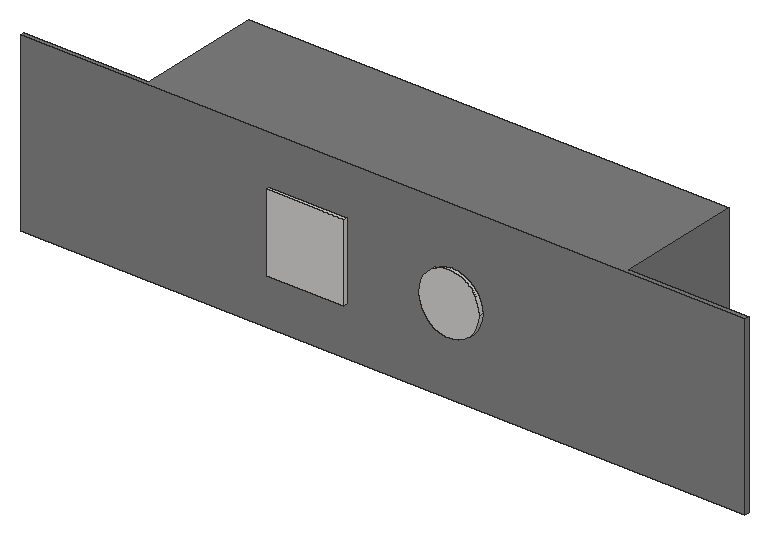
Revit family "400", category Generic Models, Revit 2021
Family settings
  Can host rebar = No
  Round Connector Dimension = Use Diameter
  Part Type = Normal
  Work Plane-Based = No
  Always vertical = Yes
  Cut with Voids When Loaded = No
  Shared = No
  Room Calculation Point = No
Parameters (values of type "Standard")
  e-mail = "info@vola.com"
  URL = "http://vola.com"
  Telephone = "+45 7023 5500"
  Quality management standard = "ISO 9001"
  Organisation no. / DUNS no. = "17531328"
  Occupational health and safety management standard = "ISO 18001"
  Mounting Instructions = "http://vola.com/service/producturl.ashx?name=400"
  Model = "400"
  Materials and components information = "http://vola.com/service/producturl.ashx?name=400"
  Manufacturer = "VOLA A/S"
  Maintenance Instructions = "http://vola.com/service/producturl.ashx?name=400"
  Guarantee = "2 years"
  Flow = "15,00 l/min"
  Environmental management standard = "ISO 14000"
  Default Elevation = 0.00 mm
  Connection - All relevant connections = ""
  Approvals = "http://vola.com/service/producturl.ashx?name=400"
Reference planes
  plane 1 "Center (Front/Back)": y = 0
  plane 2: z = 0
  plane 3 "Center (Left/Right)": x = 0
  plane 4 "Front Plane": y = -72.5
  plane 5 "Inlet Center Plane": y = -25
  plane 6: z = 70
Forms (mm)
  Extrusion 1, solid, material "Stainless Steel"
    sketch origin (0, 0, 1) x (1, 0, 0) y (0, 0, 1)
      loop
        circle (39, 69) r 16.5
    from 70.5 to 72.5
  Extrusion 2, solid, material "Stainless Steel"
    sketch origin (1032.5, -2.5, 1) x (-1, 0, 0) y (0, 0, -1)
      loop
        line (1092.5, -90) -> (1092.5, -48) -> (1050.5, -48) -> (1050.5, -90) -> (1092.5, -90)
    from 68 to 70
  Extrusion 3, solid, material "Default"
    sketch origin (0, 0, 1) x (1, 0, 0) y (0, 1, 0)
      loop
        line (-127.5, 0) -> (-127.5, -68) -> (132.5, -68) -> (132.5, 0) -> (-127.5, 0)
    from 21.5 to 116.5
  Extrusion 4, solid, material "Stainless Steel"
    sketch origin (0, 0, 22.5) x (0, 1, 0) y (1, 0, 0)
      loop
        circle (-25, -12) r 14
    from 0 to 22.5
  Extrusion 5, solid, material "Stainless Steel"
    sketch origin (-54, 0, 22.5) x (0, 1, 0) y (1, 0, 0)
      loop
        circle (-25, -12) r 14
    from 0 to 22.5
  Extrusion 6, solid, material "Default"
    sketch origin (0, 0, 0) x (1, 0, 0) y (0, 1, 0)
      loop
        line (-195, -68) -> (-195, -70.5) -> (197.5, -70.5) -> (197.5, -68) -> (-195, -68)
    from 22.5 to 117.5
Cuts and joins
  joined: Extrusion 3, Extrusion 6
Lines and regions (mm)
  reference lines
    curve 1: line (-39, -25, 70) -> (-39, -122.5, 70)
    curve 2: line (39, -25, 70) -> (39, -122.5, 70)
    curve 3: line (-66, -25, 70) -> (-66, -25, -29)
    curve 4: line (-12, -25, 70) -> (-12, -25, -29)
    curve 5: line (39, -37.5, 70) -> (39, -37.5, 169)
    curve 6: line (39, -37.5, 70) -> (39, -37.5, -29)
Dimensions and locks
  aligned and locked: plane 2 to level
  aligned and locked: plane 6 to curve 4
  aligned and locked: plane 6 to curve 3
